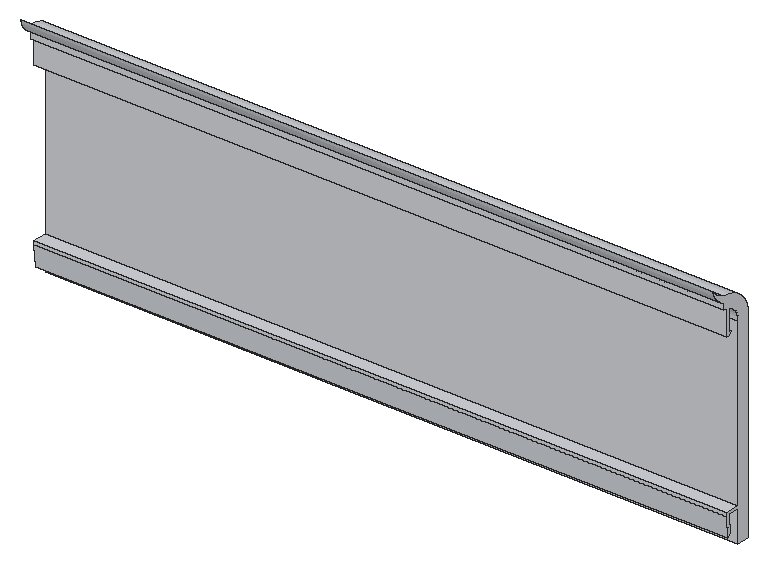
Revit family "HansWeitzel_52519", category Allgemeines Modell, Revit 2017
Family settings
  Basisbauteil = Wand
  Kann Basisbauteil für Bewehrung sein = Nein
  Bemaßung runder Anschluss = Durchmesser verwenden
  Teiletyp = Normal
  Immer vertikal = Ja
  Beim Laden mit Abzugskörper schneiden = Nein
  Gemeinsam genutzt = Nein
  Raumberechnungspunkt = Nein
Parameters
  max. Betriebstemperatur (°C) = 90
  Werkstoff = "PVC"
  Wandmontage möglich = yes
  Typname = "HZ-Blindleiste BLF Graphit, 2m"
  Tiefe (mm) = 16
  Selbstverlöschend = yes
  Profilart = "Sockelprofil"
  Menge pro Verpackungseinheit = 10
  Ist Zubehör = no
  Ist System = no
  Höhe [mm] = 87
  Hersteller = "Hans Weitzel GmbH & Co. KG"
  HeinzeBIM = "https://www.heinze.de/bim/hz-blindleiste-blf-graphit-2m/ecf1989157d64bf6bc344655b3e82cfdce4fa6a2"
  HAN = "52519"
  Gewicht unverpackt (netto) [kg] = 0.7
  GTIN = "4022023113518"
  Farbton = "grau"
  Dekor = "Graphit"
  Breite [mm] = 2000
  Brandklasse B2 = yes
  Beschreibung = "HZ-Blindleiste BLF Graphit, 2m mit Dekorfolie passend zu SLF Gr"
  BIMSITE_PRODUCT_ID = "ecf1989157d64bf6bc344655b3e82cfdce4fa6a2"
  BIM = "https://media.live.bim.site/t/eyJhbGciOiJIUzI1NiIsInR5cCI6IkpXVCJ9.eyJjdCI6MSwidGYiOiJwdWJsaWMvaGFucy13ZWl0emVsLWdtYmgtY28ta2cvMjI1MGEyZS9IWl9CTEZfUHJvZmlsLnJmYSIsImNpZCI6ImZlZDk4ZTlhLTFiZDgtNGM2OC1hNzNiLTc0YTk0ZTMxNTgyMyIsInJpZCI6ImJkZDYxNTNhMmZmNDEzOTQ2OTI2OWVkNGIxZjNmNmE5IiwicGlkIjoiZWNmMTk4OTE1N2Q2NGJmNmJjMzQ0NjU1YjNlODJjZmRjZTRmYTZhMiIsInNpZCI6IjYzNTU4IiwidXQiOjUsImxjIjoiZGUiLCJpYXQiOjE1ODAxMjAxOTcsImlzcyI6Imh0dHBzOi8vYXBpLmxpdmUuYmltLnNpdGUiLCJzdWIiOiJmNTg2YzRiNi1hNTA4LTQyN2EtOTgxOC0xMzE3OTY2NTc2YmMifQ.EfJOTNlQJR5AzE5xRd49WzWs0IoAQMJQxfQ6F3DEl0Y/HZ_BLF_Profil.rfa"
Reference planes
  plane 1: y = 0
  plane 2 "Center (Left/Right)": x = 0
  plane 3 "Wall Edge": y = 76.2
Text (mm)
  text "Placement Side" at (0, 1019.848, 3124.603), in view "Right"
  text "Placement Side" at (-1787.662, 723.012, 0), in view "Ref. Level"
  text "Placement Side" at (0, 2073.289, 3571.227), in view "Left"
Dimensions and locks
  locked: plane 3 "Wall Edge" to host wall
  aligned and locked: plane 3 "Wall Edge" to nested 1
Nested families
  nested 1: "HZ_BLF_Part2" at (0, 76.2, 0), type "HZ_BLF_Part2"
Definition of nested family "HZ_BLF_Part2"
  Reference planes
    plane 1 "Center (Front/Back)": y = 0
    plane 2: z = 0
    plane 3 "Center (Left/Right)": x = 0
  Forms (mm)
    Extrusion 1, solid, detail levels fine
      sketch origin (0, 0, 0) x (0, 1, 0) y (0, 0, 1)
        loop
          arc (16, 72) -> (12.727, 79.83) -> (4.854, 82.999) r 11
          arc (4.854, 82.999) -> (2.091, 84.316) -> (0, 86.553) r 8.222
          arc (0, 86.553) -> (1.757, 83.087) -> (4.851, 80.736) r 8.67
          line (4.851, 80.736) -> (4.851, 78.472)
          arc (4.851, 78.472) -> (5.499, 78.442) -> (6.14, 78.346) r 6.5
          line (6.14, 78.346) -> (6.14, 69.232) -> (7.064, 69.232) -> (8.141, 70.371) -> (7.148, 70.371) -> (7.148, 78.059)
          arc (7.148, 78.059) -> (10.208, 75.675) -> (11.366, 71.972) r 6.5
          line (11.366, 71.972) -> (11.366, 12.318) -> (6.13, 12.318) -> (6.13, 11.14) -> (6.85, 3.802) -> (7.723, 4.72) -> (7.157, 11.4) -> (11.366, 11.4) -> (11.366, 0) -> (16, 0) -> (16, 72)
      from 0 to 250
    Extrusion 2, solid, detail levels medium
      sketch origin (0, 0, 0) x (0, 1, 0) y (0, 0, 1)
        loop
          line (16, 0) -> (16, 72)
          arc (16, 72) -> (12.727, 79.83) -> (4.854, 82.999) r 11
          arc (4.854, 82.999) -> (2.091, 84.316) -> (0, 86.553) r 8.222
          line (0, 86.553) -> (4.851, 78.472)
          arc (4.851, 78.472) -> (5.499, 78.442) -> (6.14, 78.346) r 6.5
          line (6.14, 78.346) -> (6.14, 69.232) -> (7.148, 69.232) -> (7.148, 78.059)
          arc (7.148, 78.059) -> (10.208, 75.675) -> (11.366, 71.972) r 6.5
          line (11.366, 71.972) -> (11.366, 12.318) -> (6.13, 12.318) -> (6.13, 11.14) -> (6.85, 3.802) -> (7.723, 4.72) -> (7.157, 11.4) -> (11.366, 11.4) -> (11.366, 0) -> (16, 0)
      from 0 to 250
    Extrusion 3, solid, detail levels coarse
      sketch origin (0, 0, 0) x (0, 1, 0) y (0, 0, 1)
        loop
          line (16, 0) -> (16, 86.553) -> (0, 86.553) -> (0, 0) -> (16, 0)
      from 0 to 250
  Dimensions and locks
    aligned and locked: plane 2 to level
